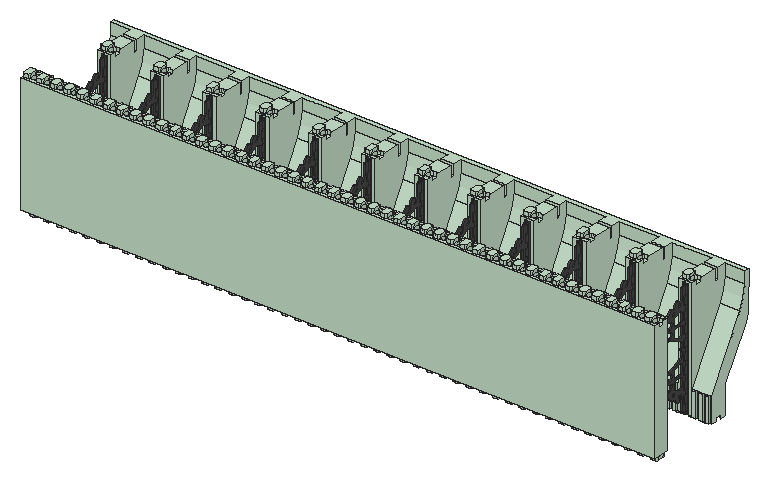
Revit family (continued)
Forms (mm)
  Extrusion 171, solid, material "NUDURA Expanded Polystyrene Foam Insulation"
    sketch origin (0, -0.033, 0) x (1, 0, 0) y (0, 1, 0)
      loop
        line (386.558, 76.2) -> (400.842, 76.2) -> (399.258, 82.55) -> (388.142, 82.55) -> (386.558, 76.2)
      loop
        line (361.158, 76.2) -> (375.442, 76.2) -> (373.858, 82.55) -> (362.742, 82.55) -> (361.158, 76.2)
      loop
        line (335.758, 76.2) -> (350.042, 76.2) -> (348.458, 82.55) -> (337.342, 82.55) -> (335.758, 76.2)
      loop
        line (259.558, 76.2) -> (273.842, 76.2) -> (272.258, 82.55) -> (261.142, 82.55) -> (259.558, 76.2)
      loop
        line (234.158, 76.2) -> (248.442, 76.2) -> (246.858, 82.55) -> (235.742, 82.55) -> (234.158, 76.2)
      loop
        line (208.758, 76.2) -> (223.042, 76.2) -> (221.458, 82.55) -> (210.342, 82.55) -> (208.758, 76.2)
      loop
        line (183.358, 76.2) -> (197.642, 76.2) -> (196.058, 82.55) -> (184.942, 82.55) -> (183.358, 76.2)
      loop
        line (157.958, 76.2) -> (172.242, 76.2) -> (170.658, 82.55) -> (159.542, 82.55) -> (157.958, 76.2)
      loop
        line (132.558, 76.2) -> (146.842, 76.2) -> (145.258, 82.55) -> (134.142, 82.55) -> (132.558, 76.2)
      loop
        line (56.358, 76.2) -> (70.642, 76.2) -> (69.058, 82.55) -> (57.942, 82.55) -> (56.358, 76.2)
      loop
        line (30.958, 76.2) -> (45.242, 76.2) -> (43.658, 82.55) -> (32.542, 82.55) -> (30.958, 76.2)
      loop
        line (5.558, 76.2) -> (19.842, 76.2) -> (18.258, 82.55) -> (7.142, 82.55) -> (5.558, 76.2)
    from 0 to 92.075
Cuts and joins
  Extrusion 2, Extrusion 3, Extrusion 4, Extrusion 5, Extrusion 6, Extrusion 7, Extrusion 8, Extrusion 9, Extrusion 10, Extrusion 11, Extrusion 12, Extrusion 13, Extrusion 14, Extrusion 15, Extrusion 16, Extrusion 17, Extrusion 18, Extrusion 19, Extrusion 20, Extrusion 21, Extrusion 22, Extrusion 23, Extrusion 24, Extrusion 25, Extrusion 26, Extrusion 27, Extrusion 28, Extrusion 29, Extrusion 30, Extrusion 31, Extrusion 32, Extrusion 33, Extrusion 34, Extrusion 35, Extrusion 36, Extrusion 37, Extrusion 38, Extrusion 39, Extrusion 40, Extrusion 41, Extrusion 42, Extrusion 43, Extrusion 44, Extrusion 45, Extrusion 46, Extrusion 47, Extrusion 48, Extrusion 49, Extrusion 62, Extrusion 63, Extrusion 64, Extrusion 65, Extrusion 66, Extrusion 67, Extrusion 68, Extrusion 69, Extrusion 70, Extrusion 71, Extrusion 72, Extrusion 73, Extrusion 74, Extrusion 75, Extrusion 76, Extrusion 77, Extrusion 78, Extrusion 79, Extrusion 80, Extrusion 81, Extrusion 82, Extrusion 83, Extrusion 84, Extrusion 85, Extrusion 86, Extrusion 87, Extrusion 88, Extrusion 89, Extrusion 90, Extrusion 91, Extrusion 92, Extrusion 93, Extrusion 94, Extrusion 95, Extrusion 96, Extrusion 97, Extrusion 98, Extrusion 99, Extrusion 100, Extrusion 101, Extrusion 102, Extrusion 103, Extrusion 104, Extrusion 105, Extrusion 106, Extrusion 107, Extrusion 108, Extrusion 109 cuts Extrusion 1
  Extrusion 50, Extrusion 110, Extrusion 111, Extrusion 112, Extrusion 113, Extrusion 114, Extrusion 115, Extrusion 116, Extrusion 117, Extrusion 118, Extrusion 119, Extrusion 120, Extrusion 121, Extrusion 122, Extrusion 123, Extrusion 124, Extrusion 125, Extrusion 126, Extrusion 127, Extrusion 128, Extrusion 129, Extrusion 130, Extrusion 131, Extrusion 132, Extrusion 133, Extrusion 134, Extrusion 135, Extrusion 136, Extrusion 137, Extrusion 138, Extrusion 139, Extrusion 140, Extrusion 141, Extrusion 142, Extrusion 143, Extrusion 144, Extrusion 145, Extrusion 146, Extrusion 147, Extrusion 148, Extrusion 149, Extrusion 150, Extrusion 151, Extrusion 152, Extrusion 153, Extrusion 154, Extrusion 155, Extrusion 156, Extrusion 157 cuts Extrusion 158
  Extrusion 61 cuts Extrusion 159
  Extrusion 60 cuts Extrusion 160
  Extrusion 59 cuts Extrusion 161
  Extrusion 58 cuts Extrusion 162
  Extrusion 57 cuts Extrusion 163
  Extrusion 56 cuts Extrusion 164
  Extrusion 55 cuts Extrusion 165
  Extrusion 54 cuts Extrusion 166
  Extrusion 53 cuts Extrusion 167
  Extrusion 52 cuts Extrusion 168
  Extrusion 51 cuts Extrusion 169
  Extrusion 50 cuts Extrusion 170
  joined: Extrusion 158, Extrusion 159, Extrusion 160, Extrusion 161, Extrusion 162, Extrusion 163, Extrusion 164, Extrusion 165, Extrusion 166, Extrusion 167, Extrusion 168, Extrusion 169, Extrusion 170, Extrusion 171
Lines and regions (mm)
  model lines
    curve 1: line (203.2, -193.708, 457.2) -> (203.2, -193.708, 0)
Dimensions and locks
  aligned and locked: level to plane 2
  aligned and locked: level to Extrusion 1
Nested families
  nested 1: "NUDURA Diamond Pattern" at (0, -50.833, 0), type "NUDURA Diamond Pattern"
  nested 2: "NUDURA Diamond Pattern" at (406.4, -50.833, 0), type "NUDURA Diamond Pattern"
  nested 3: "NUDURA Diamond Pattern" at (609.6, -50.833, 0), type "NUDURA Diamond Pattern"
  nested 4: "NUDURA Diamond Pattern" at (1016, -50.833, 0), type "NUDURA Diamond Pattern"
  nested 5: "NUDURA Diamond Pattern" at (1219.2, -50.833, 0), type "NUDURA Diamond Pattern"
  nested 6: "NUDURA Diamond Pattern" at (1625.6, -50.833, 0), type "NUDURA Diamond Pattern"
  nested 7: "NUDURA Diamond Pattern" at (1828.8, -50.833, 0), type "NUDURA Diamond Pattern"
  nested 8: "NUDURA Diamond Pattern" at (2235.2, -50.833, 0), type "NUDURA Diamond Pattern"
  nested 9: "Interlock Tooth" at (0, -50.833, 0), type "Interlock Tooth"
  nested 10: "Interlock Tooth" at (50.8, -50.833, 0), type "Interlock Tooth"
  nested 11: "Interlock Tooth" at (101.6, -50.833, 0), type "Interlock Tooth"
  nested 12: "Interlock Tooth" at (152.4, -50.833, 0), type "Interlock Tooth"
  nested 13: "Interlock Tooth" at (203.2, -50.833, 0), type "Interlock Tooth"
  nested 14: "Interlock Tooth" at (254, -50.833, 0), type "Interlock Tooth"
  nested 15: "Interlock Tooth" at (304.8, -50.833, 0), type "Interlock Tooth"
  nested 16: "Interlock Tooth" at (355.6, -50.833, 0), type "Interlock Tooth"
  nested 17: "Interlock Tooth" at (406.4, -50.833, 0), type "Interlock Tooth"
  nested 18: "Interlock Tooth" at (457.2, -50.833, 0), type "Interlock Tooth"
  nested 19: "Interlock Tooth" at (508, -50.833, 0), type "Interlock Tooth"
  nested 20: "Interlock Tooth" at (558.8, -50.833, 0), type "Interlock Tooth"
  nested 21: "Interlock Tooth" at (609.6, -50.833, 0), type "Interlock Tooth"
  nested 22: "Interlock Tooth" at (660.4, -50.833, 0), type "Interlock Tooth"
  nested 23: "Interlock Tooth" at (711.2, -50.833, 0), type "Interlock Tooth"
  nested 24: "Interlock Tooth" at (762, -50.833, 0), type "Interlock Tooth"
  nested 25: "Interlock Tooth" at (812.8, -50.833, 0), type "Interlock Tooth"
  nested 26: "Interlock Tooth" at (863.6, -50.833, 0), type "Interlock Tooth"
  nested 27: "Interlock Tooth" at (914.4, -50.833, 0), type "Interlock Tooth"
  nested 28: "Interlock Tooth" at (965.2, -50.833, 0), type "Interlock Tooth"
  nested 29: "Interlock Tooth" at (1016, -50.833, 0), type "Interlock Tooth"
  nested 30: "Interlock Tooth" at (1066.8, -50.833, 0), type "Interlock Tooth"
  nested 31: "Interlock Tooth" at (1117.6, -50.833, 0), type "Interlock Tooth"
  nested 32: "Interlock Tooth" at (1168.4, -50.833, 0), type "Interlock Tooth"
  nested 33: "Interlock Tooth" at (1219.2, -50.833, 0), type "Interlock Tooth"
  nested 34: "Interlock Tooth" at (1270, -50.833, 0), type "Interlock Tooth"
  nested 35: "Interlock Tooth" at (1320.8, -50.833, 0), type "Interlock Tooth"
  nested 36: "Interlock Tooth" at (1371.6, -50.833, 0), type "Interlock Tooth"
  nested 37: "Interlock Tooth" at (1422.4, -50.833, 0), type "Interlock Tooth"
  nested 38: "Interlock Tooth" at (1473.2, -50.833, 0), type "Interlock Tooth"
  nested 39: "Interlock Tooth" at (1524, -50.833, 0), type "Interlock Tooth"
  nested 40: "Interlock Tooth" at (1574.8, -50.833, 0), type "Interlock Tooth"
  nested 41: "Interlock Tooth" at (1625.6, -50.833, 0), type "Interlock Tooth"
  nested 42: "Interlock Tooth" at (1676.4, -50.833, 0), type "Interlock Tooth"
  nested 43: "Interlock Tooth" at (1727.2, -50.833, 0), type "Interlock Tooth"
  nested 44: "Interlock Tooth" at (1778, -50.833, 0), type "Interlock Tooth"
  nested 45: "Interlock Tooth" at (1828.8, -50.833, 0), type "Interlock Tooth"
  nested 46: "Interlock Tooth" at (1879.6, -50.833, 0), type "Interlock Tooth"
  nested 47: "Interlock Tooth" at (1930.4, -50.833, 0), type "Interlock Tooth"
  nested 48: "Interlock Tooth" at (1981.2, -50.833, 0), type "Interlock Tooth"
  nested 49: "Interlock Tooth" at (2032, -50.833, 0), type "Interlock Tooth"
  nested 50: "Interlock Tooth" at (2082.8, -50.833, 0), type "Interlock Tooth"
  nested 51: "Interlock Tooth" at (2133.6, -50.833, 0), type "Interlock Tooth"
  nested 52: "Interlock Tooth" at (2184.4, -50.833, 0), type "Interlock Tooth"
  nested 53: "Interlock Tooth" at (2235.2, -50.833, 0), type "Interlock Tooth"
  nested 54: "Interlock Tooth" at (2286, -50.833, 0), type "Interlock Tooth"
  nested 55: "Interlock Tooth" at (2336.8, -50.833, 0), type "Interlock Tooth"
  nested 56: "Interlock Tooth" at (2387.6, -50.833, 0), type "Interlock Tooth"
  nested 57: "Interlock Tooth" at (76.2, 225.392, 0), type "Interlock Tooth"
  nested 58: "Interlock Tooth" at (279.4, 225.392, 0), type "Interlock Tooth"
  nested 59: "Interlock Tooth" at (482.6, 225.392, 0), type "Interlock Tooth"
  nested 60: "Interlock Tooth" at (685.8, 225.392, 0), type "Interlock Tooth"
  nested 61: "Interlock Tooth" at (889, 225.392, 0), type "Interlock Tooth"
  nested 62: "Interlock Tooth" at (1092.2, 225.392, 0), type "Interlock Tooth"
  nested 63: "Interlock Tooth" at (1295.4, 225.392, 0), type "Interlock Tooth"
  nested 64: "Interlock Tooth" at (1498.6, 225.392, 0), type "Interlock Tooth"
  nested 65: "Interlock Tooth" at (1701.8, 225.392, 0), type "Interlock Tooth"
  nested 66: "Interlock Tooth" at (1905, 225.392, 0), type "Interlock Tooth"
  nested 67: "Interlock Tooth" at (2108.2, 225.392, 0), type "Interlock Tooth"
  nested 68: "Interlock Tooth" at (2311.4, 225.392, 0), type "Interlock Tooth"
  nested 69: "Interlock Tooth" at (25.4, -276.258, -469.9), type "Interlock Tooth"
  nested 70: "Interlock Tooth" at (76.2, -276.258, -469.9), type "Interlock Tooth"
  nested 71: "Interlock Tooth" at (127, -276.258, -469.9), type "Interlock Tooth"
  nested 72: "Interlock Tooth" at (177.8, -276.258, -469.9), type "Interlock Tooth"
  nested 73: "Interlock Tooth" at (228.6, -276.258, -469.9), type "Interlock Tooth"
  nested 74: "Interlock Tooth" at (279.4, -276.258, -469.9), type "Interlock Tooth"
  nested 75: "Interlock Tooth" at (330.2, -276.258, -469.9), type "Interlock Tooth"
  nested 76: "Interlock Tooth" at (381, -276.258, -469.9), type "Interlock Tooth"
  nested 77: "Interlock Tooth" at (431.8, -276.258, -469.9), type "Interlock Tooth"
  nested 78: "Interlock Tooth" at (482.6, -276.258, -469.9), type "Interlock Tooth"
  nested 79: "Interlock Tooth" at (533.4, -276.258, -469.9), type "Interlock Tooth"
  nested 80: "Interlock Tooth" at (584.2, -276.258, -469.9), type "Interlock Tooth"
  nested 81: "Interlock Tooth" at (635, -276.258, -469.9), type "Interlock Tooth"
  nested 82: "Interlock Tooth" at (685.8, -276.258, -469.9), type "Interlock Tooth"
  nested 83: "Interlock Tooth" at (736.6, -276.258, -469.9), type "Interlock Tooth"
  nested 84: "Interlock Tooth" at (787.4, -276.258, -469.9), type "Interlock Tooth"
  nested 85: "Interlock Tooth" at (838.2, -276.258, -469.9), type "Interlock Tooth"
  nested 86: "Interlock Tooth" at (889, -276.258, -469.9), type "Interlock Tooth"
  nested 87: "Interlock Tooth" at (939.8, -276.258, -469.9), type "Interlock Tooth"
  nested 88: "Interlock Tooth" at (990.6, -276.258, -469.9), type "Interlock Tooth"
  nested 89: "Interlock Tooth" at (1041.4, -276.258, -469.9), type "Interlock Tooth"
  nested 90: "Interlock Tooth" at (1092.2, -276.258, -469.9), type "Interlock Tooth"
  nested 91: "Interlock Tooth" at (1143, -276.258, -469.9), type "Interlock Tooth"
  nested 92: "Interlock Tooth" at (1193.8, -276.258, -469.9), type "Interlock Tooth"
  nested 93: "Interlock Tooth" at (1244.6, -276.258, -469.9), type "Interlock Tooth"
  nested 94: "Interlock Tooth" at (1295.4, -276.258, -469.9), type "Interlock Tooth"
  nested 95: "Interlock Tooth" at (1346.2, -276.258, -469.9), type "Interlock Tooth"
  nested 96: "Interlock Tooth" at (1397, -276.258, -469.9), type "Interlock Tooth"
  nested 97: "Interlock Tooth" at (1447.8, -276.258, -469.9), type "Interlock Tooth"
  nested 98: "Interlock Tooth" at (1498.6, -276.258, -469.9), type "Interlock Tooth"
  nested 99: "Interlock Tooth" at (1549.4, -276.258, -469.9), type "Interlock Tooth"
  nested 100: "Interlock Tooth" at (1600.2, -276.258, -469.9), type "Interlock Tooth"
  nested 101: "Interlock Tooth" at (1651, -276.258, -469.9), type "Interlock Tooth"
  nested 102: "Interlock Tooth" at (1701.8, -276.258, -469.9), type "Interlock Tooth"
  nested 103: "Interlock Tooth" at (1752.6, -276.258, -469.9), type "Interlock Tooth"
  nested 104: "Interlock Tooth" at (1803.4, -276.258, -469.9), type "Interlock Tooth"
  nested 105: "Interlock Tooth" at (1854.2, -276.258, -469.9), type "Interlock Tooth"
  nested 106: "Interlock Tooth" at (1905, -276.258, -469.9), type "Interlock Tooth"
  nested 107: "Interlock Tooth" at (1955.8, -276.258, -469.9), type "Interlock Tooth"
  nested 108: "Interlock Tooth" at (2006.6, -276.258, -469.9), type "Interlock Tooth"
  nested 109: "Interlock Tooth" at (2057.4, -276.258, -469.9), type "Interlock Tooth"
  nested 110: "Interlock Tooth" at (2108.2, -276.258, -469.9), type "Interlock Tooth"
  nested 111: "Interlock Tooth" at (2159, -276.258, -469.9), type "Interlock Tooth"
  nested 112: "Interlock Tooth" at (2209.8, -276.258, -469.9), type "Interlock Tooth"
  nested 113: "Interlock Tooth" at (2260.6, -276.258, -469.9), type "Interlock Tooth"
  nested 114: "Interlock Tooth" at (2311.4, -276.258, -469.9), type "Interlock Tooth"
  nested 115: "Interlock Tooth" at (2362.2, -276.258, -469.9), type "Interlock Tooth"
  nested 116: "Interlock Tooth" at (2413, -276.258, -469.9), type "Interlock Tooth"
  nested 117: "Interlock Tooth" at (0, -0.033, -469.9), type "Interlock Tooth"
  nested 118: "Interlock Tooth" at (50.8, -0.033, -469.9), type "Interlock Tooth"
  nested 119: "Interlock Tooth" at (101.6, -0.033, -469.9), type "Interlock Tooth"
  nested 120: "Interlock Tooth" at (152.4, -0.033, -469.9), type "Interlock Tooth"
  nested 121: "Interlock Tooth" at (203.2, -0.033, -469.9), type "Interlock Tooth"
  nested 122: "Interlock Tooth" at (254, -0.033, -469.9), type "Interlock Tooth"
  nested 123: "Interlock Tooth" at (304.8, -0.033, -469.9), type "Interlock Tooth"
  nested 124: "Interlock Tooth" at (355.6, -0.033, -469.9), type "Interlock Tooth"
  nested 125: "Interlock Tooth" at (406.4, -0.033, -469.9), type "Interlock Tooth"
  nested 126: "Interlock Tooth" at (457.2, -0.033, -469.9), type "Interlock Tooth"
  nested 127: "Interlock Tooth" at (508, -0.033, -469.9), type "Interlock Tooth"
  nested 128: "Interlock Tooth" at (558.8, -0.033, -469.9), type "Interlock Tooth"
  nested 129: "Interlock Tooth" at (609.6, -0.033, -469.9), type "Interlock Tooth"
  nested 130: "Interlock Tooth" at (660.4, -0.033, -469.9), type "Interlock Tooth"
  nested 131: "Interlock Tooth" at (711.2, -0.033, -469.9), type "Interlock Tooth"
  nested 132: "Interlock Tooth" at (762, -0.033, -469.9), type "Interlock Tooth"
  nested 133: "Interlock Tooth" at (812.8, -0.033, -469.9), type "Interlock Tooth"
  nested 134: "Interlock Tooth" at (863.6, -0.033, -469.9), type "Interlock Tooth"
  nested 135: "Interlock Tooth" at (914.4, -0.033, -469.9), type "Interlock Tooth"
  nested 136: "Interlock Tooth" at (965.2, -0.033, -469.9), type "Interlock Tooth"
  nested 137: "Interlock Tooth" at (1016, -0.033, -469.9), type "Interlock Tooth"
  nested 138: "Interlock Tooth" at (1066.8, -0.033, -469.9), type "Interlock Tooth"
  nested 139: "Interlock Tooth" at (1117.6, -0.033, -469.9), type "Interlock Tooth"
  nested 140: "Interlock Tooth" at (1168.4, -0.033, -469.9), type "Interlock Tooth"
  nested 141: "Interlock Tooth" at (1219.2, -0.033, -469.9), type "Interlock Tooth"
  nested 142: "Interlock Tooth" at (1270, -0.033, -469.9), type "Interlock Tooth"
  nested 143: "Interlock Tooth" at (1320.8, -0.033, -469.9), type "Interlock Tooth"
  nested 144: "Interlock Tooth" at (1371.6, -0.033, -469.9), type "Interlock Tooth"
  nested 145: "Interlock Tooth" at (1422.4, -0.033, -469.9), type "Interlock Tooth"
  nested 146: "Interlock Tooth" at (1473.2, -0.033, -469.9), type "Interlock Tooth"
  nested 147: "Interlock Tooth" at (1524, -0.033, -469.9), type "Interlock Tooth"
  nested 148: "Interlock Tooth" at (1574.8, -0.033, -469.9), type "Interlock Tooth"
  nested 149: "Interlock Tooth" at (1625.6, -0.033, -469.9), type "Interlock Tooth"
  nested 150: "Interlock Tooth" at (1676.4, -0.033, -469.9), type "Interlock Tooth"
  nested 151: "Interlock Tooth" at (1727.2, -0.033, -469.9), type "Interlock Tooth"
  nested 152: "Interlock Tooth" at (1778, -0.033, -469.9), type "Interlock Tooth"
  nested 153: "Interlock Tooth" at (1828.8, -0.033, -469.9), type "Interlock Tooth"
  nested 154: "Interlock Tooth" at (1879.6, -0.033, -469.9), type "Interlock Tooth"
  nested 155: "Interlock Tooth" at (1930.4, -0.033, -469.9), type "Interlock Tooth"
  nested 156: "Interlock Tooth" at (1981.2, -0.033, -469.9), type "Interlock Tooth"
  nested 157: "Interlock Tooth" at (2032, -0.033, -469.9), type "Interlock Tooth"
  nested 158: "Interlock Tooth" at (2082.8, -0.033, -469.9), type "Interlock Tooth"
  nested 159: "Interlock Tooth" at (2133.6, -0.033, -469.9), type "Interlock Tooth"
  nested 160: "Interlock Tooth" at (2184.4, -0.033, -469.9), type "Interlock Tooth"
  nested 161: "Interlock Tooth" at (2235.2, -0.033, -469.9), type "Interlock Tooth"
  nested 162: "Interlock Tooth" at (2286, -0.033, -469.9), type "Interlock Tooth"
  nested 163: "Interlock Tooth" at (2336.8, -0.033, -469.9), type "Interlock Tooth"
  nested 164: "Interlock Tooth" at (2387.6, -0.033, -469.9), type "Interlock Tooth"
  nested 165: "NUDURA Logo Diamond" at (0, -193.708, 0), type "NUDURA Logo Diamond"
  nested 166: "NUDURA Logo Diamond" at (609.6, -193.708, 0), type "NUDURA Logo Diamond"
  nested 167: "NUDURA Logo Diamond" at (1219.2, -193.708, 0), type "NUDURA Logo Diamond"
  nested 168: "NUDURA Logo Diamond" at (1828.8, -193.708, 0), type "NUDURA Logo Diamond"
  nested 169: "NUDURA Brick Ledge Diamond Pattern" at (2235.2, 285.717, 0), type "NUDURA Brick Ledge Diamond Pattern"
  nested 170: "NUDURA Brick Ledge Diamond Pattern" at (2032, 285.717, 0), type "NUDURA Brick Ledge Diamond Pattern"
  nested 171: "NUDURA Brick Ledge Diamond Pattern" at (1828.8, 285.717, 0), type "NUDURA Brick Ledge Diamond Pattern"
  nested 172: "NUDURA Brick Ledge Diamond Pattern" at (1625.6, 285.717, 0), type "NUDURA Brick Ledge Diamond Pattern"
  nested 173: "NUDURA Brick Ledge Diamond Pattern" at (1422.4, 285.717, 0), type "NUDURA Brick Ledge Diamond Pattern"
  nested 174: "NUDURA Brick Ledge Diamond Pattern" at (1219.2, 285.717, 0), type "NUDURA Brick Ledge Diamond Pattern"
  nested 175: "NUDURA Brick Ledge Diamond Pattern" at (1016, 285.717, 0), type "NUDURA Brick Ledge Diamond Pattern"
  nested 176: "NUDURA Brick Ledge Diamond Pattern" at (812.8, 285.717, 0), type "NUDURA Brick Ledge Diamond Pattern"
  nested 177: "NUDURA Brick Ledge Diamond Pattern" at (609.6, 285.717, 0), type "NUDURA Brick Ledge Diamond Pattern"
  nested 178: "NUDURA Brick Ledge Diamond Pattern" at (406.4, 285.717, 0), type "NUDURA Brick Ledge Diamond Pattern"
  nested 179: "NUDURA Brick Ledge Diamond Pattern" at (203.2, 285.717, 0), type "NUDURA Brick Ledge Diamond Pattern"
  nested 180: "NUDURA Brick Ledge Diamond Pattern" at (0, 285.717, 0), type "NUDURA Brick Ledge Diamond Pattern"
  nested 181: "8-inch Insert Web" at (101.6, -25.433, 0), type "8-inch Insert Web"
  nested 182: "8-inch Insert Web" at (304.8, -25.433, 0), type "8-inch Insert Web"
  nested 183: "8-inch Insert Web" at (508, -25.433, 0), type "8-inch Insert Web"
  nested 184: "8-inch Insert Web" at (711.2, -25.433, 0), type "8-inch Insert Web"
  nested 185: "8-inch Insert Web" at (914.4, -25.433, 0), type "8-inch Insert Web"
  nested 186: "8-inch Insert Web" at (1117.6, -25.433, 0), type "8-inch Insert Web"
  nested 187: "8-inch Insert Web" at (1320.8, -25.433, 0), type "8-inch Insert Web"
  nested 188: "8-inch Insert Web" at (1524, -25.433, 0), type "8-inch Insert Web"
  nested 189: "8-inch Insert Web" at (1727.2, -25.433, 0), type "8-inch Insert Web"
  nested 190: "8-inch Insert Web" at (1930.4, -25.433, 0), type "8-inch Insert Web"
  nested 191: "8-inch Insert Web" at (2133.6, -25.433, 0), type "8-inch Insert Web"
  nested 192: "8-inch Insert Web" at (2336.8, -25.433, 0), type "8-inch Insert Web"
Definition of nested family "Interlock Tooth"
  Reference planes
    plane 1 "Center (Front/Back)": y = 0
    plane 2: z = 0
    plane 3 "Center (Left/Right)": x = 0
    plane 4: z = 457.2
    plane 5: z = 469.9
    plane 6: z = -12.7
  Forms (mm)
    Extrusion 1, solid, material "NUDURA Expanded Polystyrene Foam Insulation"
      sketch origin (0, -225.425, 0) x (1, 0, 0) y (0, 1, 0)
        loop
          arc (0, 101.014) -> (1.215, 97.278) -> (4.396, 94.972) r 6.35
          arc (4.396, 94.972) -> (12.7, 93.663) -> (21.004, 94.972) r 26.988
          arc (21.004, 94.972) -> (24.185, 97.278) -> (25.4, 101.014) r 6.35
          line (25.4, 101.014) -> (25.4, 124.411)
          arc (25.4, 124.411) -> (24.185, 128.147) -> (21.004, 130.453) r 6.35
          arc (21.004, 130.453) -> (12.7, 131.763) -> (4.396, 130.453) r 26.987
          arc (4.396, 130.453) -> (1.215, 128.147) -> (0, 124.411) r 6.35
          line (0, 124.411) -> (0, 101.014)
      from 457.2 to 469.9
  Dimensions and locks
    locked: plane 4 to level at 457.2
    locked: plane 4 to plane 5 at 12.7
    locked: plane 6 to level at 12.7
Definition of nested family "8-inch Insert Web"
  Reference planes
    plane 1 "Center (Front/Back)": y = 0
    plane 2: z = 0
    plane 3 "Center (Left/Right)": x = 0
  Forms (mm)
    Extrusion 1, solid, material "High Density Polystyrene"
      sketch origin (0, 0, 0) x (0, 1, 0) y (0, 0, 1)
        loop
          line (107.95, 0) -> (107.95, 450.744)
          arc (107.95, 450.744) -> (107.217, 450.243) -> (106.934, 449.4) r 1.397
          line (106.934, 449.4) -> (106.934, 1.344)
          arc (106.934, 1.344) -> (107.217, 0.502) -> (107.95, 0) r 1.397
        loop
          arc (-107.95, 0) -> (-107.217, 0.502) -> (-106.934, 1.344) r 1.397
          line (-106.934, 1.344) -> (-106.934, 449.4)
          arc (-106.934, 449.4) -> (-107.217, 450.243) -> (-107.95, 450.744) r 1.397
          line (-107.95, 450.744) -> (-107.95, 0)
      from 9.227 to -9.227
    Extrusion 2, solid, material "High Density Polystyrene"
      sketch origin (0, 0, 0) x (0, 1, 0) y (0, 0, 1)
        loop
          arc (106.398, 442.16) -> (106.775, 442.021) -> (106.934, 441.652) r 0.508
          line (106.934, 441.652) -> (106.934, 447.972)
          arc (106.934, 447.972) -> (106.829, 447.585) -> (106.542, 447.306) r 0.762
          line (106.542, 447.306) -> (104.786, 446.33)
          arc (104.786, 446.33) -> (104.499, 446.05) -> (104.394, 445.664) r 0.762
          line (104.394, 445.664) -> (104.394, 442.585)
          arc (104.394, 442.585) -> (104.553, 442.216) -> (104.93, 442.078) r 0.508
          line (104.93, 442.078) -> (106.398, 442.16)
        loop
          line (-104.786, 446.33) -> (-106.542, 447.306)
          arc (-106.542, 447.306) -> (-106.829, 447.585) -> (-106.934, 447.972) r 0.762
          line (-106.934, 447.972) -> (-106.934, 441.652)
          arc (-106.934, 441.652) -> (-106.775, 442.021) -> (-106.398, 442.16) r 0.508
          line (-106.398, 442.16) -> (-104.93, 442.078)
          arc (-104.93, 442.078) -> (-104.553, 442.216) -> (-104.394, 442.585) r 0.508
          line (-104.394, 442.585) -> (-104.394, 445.664)
          arc (-104.394, 445.664) -> (-104.499, 446.05) -> (-104.786, 446.33) r 0.762
        loop
          line (106.398, 8.585) -> (104.93, 8.666)
          arc (104.93, 8.666) -> (104.553, 8.528) -> (104.394, 8.159) r 0.508
          line (104.394, 8.159) -> (104.394, 5.08)
          arc (104.394, 5.08) -> (104.499, 4.694) -> (104.786, 4.414) r 0.762
          line (104.786, 4.414) -> (106.542, 3.439)
          arc (106.542, 3.439) -> (106.829, 3.159) -> (106.934, 2.772) r 0.762
          line (106.934, 2.772) -> (106.934, 9.092)
          arc (106.934, 9.092) -> (106.775, 8.723) -> (106.398, 8.585) r 0.508
        loop
          arc (-104.786, 4.414) -> (-104.499, 4.694) -> (-104.394, 5.08) r 0.762
          line (-104.394, 5.08) -> (-104.394, 8.159)
          arc (-104.394, 8.159) -> (-104.553, 8.528) -> (-104.93, 8.666) r 0.508
          line (-104.93, 8.666) -> (-106.398, 8.585)
          arc (-106.398, 8.585) -> (-106.775, 8.723) -> (-106.934, 9.092) r 0.508
          line (-106.934, 9.092) -> (-106.934, 2.772)
          arc (-106.934, 2.772) -> (-106.829, 3.159) -> (-106.542, 3.439) r 0.762
          line (-106.542, 3.439) -> (-104.786, 4.414)
        loop
          line (101.6, 437.076) -> (99.695, 442.918)
          arc (99.695, 442.918) -> (98.425, 443.68) -> (97.155, 442.918) r 1.439
          line (97.155, 442.918) -> (95.913, 439.108) -> (92.683, 439.108)
          arc (92.683, 439.108) -> (91.804, 438.744) -> (91.44, 437.865) r 1.243
          line (91.44, 437.865) -> (91.44, 437.076) -> (88.9, 437.076) -> (88.9, 400.201)
          arc (88.9, 400.201) -> (87.144, 393.421) -> (82.318, 388.345) r 13.97
          arc (82.318, 388.345) -> (81.085, 386.915) -> (80.881, 385.039) r 3.175
          arc (80.881, 385.039) -> (69.576, 376.743) -> (70.402, 390.741) r 7.747
          arc (70.402, 390.741) -> (73.514, 398.005) -> (66.25, 401.117) r 5.588
          arc (66.25, 401.117) -> (57.259, 393.619) -> (54.399, 382.266) r 18.923
          arc (54.399, 382.266) -> (53.291, 371.727) -> (50.021, 361.646) r 50.8
          arc (50.021, 361.646) -> (37.344, 361.552) -> (41.55, 373.51) r 7.747
          arc (41.55, 373.51) -> (45.434, 381.929) -> (36.511, 384.447) r 6.096
          line (36.511, 384.447) -> (13.47, 361.407)
          arc (13.47, 361.407) -> (0, 355.827) -> (-13.47, 361.407) r 19.05
          line (-13.47, 361.407) -> (-36.511, 384.447)
          arc (-36.511, 384.447) -> (-45.434, 381.929) -> (-41.55, 373.51) r 6.096
          arc (-41.55, 373.51) -> (-37.344, 361.552) -> (-50.021, 361.646) r 7.747
          arc (-50.021, 361.646) -> (-53.291, 371.727) -> (-54.399, 382.266) r 50.8
          arc (-54.399, 382.266) -> (-57.259, 393.619) -> (-66.25, 401.117) r 18.923
          arc (-66.25, 401.117) -> (-73.514, 398.005) -> (-70.402, 390.741) r 5.588
          arc (-70.402, 390.741) -> (-69.576, 376.743) -> (-80.881, 385.039) r 7.747
          arc (-80.881, 385.039) -> (-81.085, 386.915) -> (-82.318, 388.345) r 3.175
          arc (-82.318, 388.345) -> (-87.144, 393.421) -> (-88.9, 400.201) r 13.97
          line (-88.9, 400.201) -> (-88.9, 437.076) -> (-91.44, 437.076) -> (-91.44, 437.865)
          arc (-91.44, 437.865) -> (-91.804, 438.744) -> (-92.683, 439.108) r 1.243
          line (-92.683, 439.108) -> (-95.913, 439.108) -> (-97.155, 442.918)
          arc (-97.155, 442.918) -> (-98.425, 443.68) -> (-99.695, 442.918) r 1.439
          line (-99.695, 442.918) -> (-101.6, 437.076) -> (-101.6, 16.896) -> (-99.695, 11.054)
          arc (-99.695, 11.054) -> (-98.425, 10.292) -> (-97.155, 11.054) r 1.439
          line (-97.155, 11.054) -> (-95.913, 14.864) -> (-92.683, 14.864)
          arc (-92.683, 14.864) -> (-91.804, 15.228) -> (-91.44, 16.107) r 1.243
          line (-91.44, 16.107) -> (-91.44, 16.896) -> (-88.9, 16.896) -> (-88.9, 56.999)
          arc (-88.9, 56.999) -> (-87.144, 63.779) -> (-82.318, 68.855) r 13.97
          arc (-82.318, 68.855) -> (-81.085, 70.285) -> (-80.881, 72.161) r 3.175
          arc (-80.881, 72.161) -> (-69.576, 80.457) -> (-70.402, 66.459) r 7.747
          arc (-70.402, 66.459) -> (-73.514, 59.195) -> (-66.25, 56.083) r 5.588
          arc (-66.25, 56.083) -> (-57.259, 63.581) -> (-54.399, 74.934) r 18.923
          arc (-54.399, 74.934) -> (-53.291, 85.473) -> (-50.021, 95.554) r 50.8
          arc (-50.021, 95.554) -> (-37.344, 95.648) -> (-41.55, 83.69) r 7.747
          arc (-41.55, 83.69) -> (-45.434, 75.271) -> (-36.511, 72.753) r 6.096
          line (-36.511, 72.753) -> (-13.47, 95.793)
          arc (-13.47, 95.793) -> (0, 101.373) -> (13.47, 95.793) r 19.05
          line (13.47, 95.793) -> (36.511, 72.753)
          arc (36.511, 72.753) -> (45.434, 75.271) -> (41.55, 83.69) r 6.096
          arc (41.55, 83.69) -> (37.344, 95.648) -> (50.021, 95.554) r 7.747
          arc (50.021, 95.554) -> (53.291, 85.473) -> (54.399, 74.934) r 50.8
          arc (54.399, 74.934) -> (57.259, 63.581) -> (66.25, 56.083) r 18.923
          arc (66.25, 56.083) -> (73.514, 59.195) -> (70.402, 66.459) r 5.588
          arc (70.402, 66.459) -> (69.576, 80.457) -> (80.881, 72.161) r 7.747
          arc (80.881, 72.161) -> (81.085, 70.285) -> (82.318, 68.855) r 3.175
          arc (82.318, 68.855) -> (87.144, 63.779) -> (88.9, 56.999) r 13.97
          line (88.9, 56.999) -> (88.9, 16.896) -> (91.44, 16.896) -> (91.44, 16.107)
          arc (91.44, 16.107) -> (91.804, 15.228) -> (92.683, 14.864) r 1.243
          line (92.683, 14.864) -> (95.913, 14.864) -> (97.155, 11.054)
          arc (97.155, 11.054) -> (98.425, 10.292) -> (99.695, 11.054) r 1.439
          line (99.695, 11.054) -> (101.6, 16.896) -> (101.6, 437.076)
        loop
          line (75.338, 365.319) -> (53.037, 354.882)
          arc (53.037, 354.882) -> (47.704, 350.196) -> (45.72, 343.38) r 12.7
          line (45.72, 343.38) -> (45.72, 332.943)
          arc (45.72, 332.943) -> (49.44, 323.962) -> (58.42, 320.243) r 12.7
          line (58.42, 320.243) -> (82.55, 320.243)
          arc (82.55, 320.243) -> (87.04, 322.103) -> (88.9, 326.593) r 6.35
          line (88.9, 326.593) -> (88.9, 356.692)
          arc (88.9, 356.692) -> (84.487, 364.729) -> (75.338, 365.319) r 9.525
        loop
          line (40.64, 329.768) -> (40.64, 340.162)
          arc (40.64, 340.162) -> (37.629, 345.093) -> (33.051, 348.618) r 15.855
          arc (33.051, 348.618) -> (29.537, 348.292) -> (26.01, 348.183) r 57.15
          line (26.01, 348.183) -> (0, 348.183) -> (-26.01, 348.183)
          arc (-26.01, 348.183) -> (-29.537, 348.292) -> (-33.051, 348.618) r 57.15
          arc (-33.051, 348.618) -> (-37.629, 345.093) -> (-40.64, 340.162) r 15.855
          line (-40.64, 340.162) -> (-40.64, 329.768)
          arc (-40.64, 329.768) -> (-36.952, 323.93) -> (-31.115, 320.243) r 15.684
          line (-31.115, 320.243) -> (0, 320.243) -> (31.115, 320.243)
          arc (31.115, 320.243) -> (36.952, 323.93) -> (40.64, 329.768) r 15.684
        loop
          line (-53.037, 354.882) -> (-75.338, 365.319)
          arc (-75.338, 365.319) -> (-84.487, 364.729) -> (-88.9, 356.692) r 9.525
          line (-88.9, 356.692) -> (-88.9, 326.593)
          arc (-88.9, 326.593) -> (-87.04, 322.103) -> (-82.55, 320.243) r 6.35
          line (-82.55, 320.243) -> (-58.42, 320.243)
          arc (-58.42, 320.243) -> (-49.44, 323.962) -> (-45.72, 332.943) r 12.7
          line (-45.72, 332.943) -> (-45.72, 340.735) -> (-45.72, 343.38)
          arc (-45.72, 343.38) -> (-47.704, 350.196) -> (-53.037, 354.882) r 12.7
        loop
          arc (75.338, 270.594) -> (84.487, 271.184) -> (88.9, 279.221) r 9.525
          line (88.9, 279.221) -> (88.9, 309.321)
          arc (88.9, 309.321) -> (87.04, 313.811) -> (82.55, 315.671) r 6.35
          line (82.55, 315.671) -> (58.42, 315.671)
          arc (58.42, 315.671) -> (49.44, 311.951) -> (45.72, 302.971) r 12.7
          line (45.72, 302.971) -> (45.72, 292.534)
          arc (45.72, 292.534) -> (47.704, 285.717) -> (53.037, 281.031) r 12.7
          line (53.037, 281.031) -> (75.338, 270.594)
        loop
          arc (40.64, 306.146) -> (36.952, 311.983) -> (31.115, 315.671) r 15.684
          line (31.115, 315.671) -> (0, 315.671) -> (-31.115, 315.671)
          arc (-31.115, 315.671) -> (-36.952, 311.983) -> (-40.64, 306.146) r 15.684
          line (-40.64, 306.146) -> (-40.64, 295.751)
          arc (-40.64, 295.751) -> (-37.629, 290.82) -> (-33.051, 287.295) r 15.855
          arc (-33.051, 287.295) -> (-29.537, 287.622) -> (-26.01, 287.731) r 57.15
          line (-26.01, 287.731) -> (0, 287.731) -> (26.01, 287.731)
          arc (26.01, 287.731) -> (29.537, 287.622) -> (33.051, 287.295) r 57.15
          arc (33.051, 287.295) -> (37.629, 290.82) -> (40.64, 295.751) r 15.855
          line (40.64, 295.751) -> (40.64, 306.146)
        loop
          arc (-53.037, 281.031) -> (-47.704, 285.717) -> (-45.72, 292.534) r 12.7
          line (-45.72, 292.534) -> (-45.72, 295.178) -> (-45.72, 302.971)
          arc (-45.72, 302.971) -> (-49.44, 311.951) -> (-58.42, 315.671) r 12.7
          line (-58.42, 315.671) -> (-82.55, 315.671)
          arc (-82.55, 315.671) -> (-87.04, 313.811) -> (-88.9, 309.321) r 6.35
          line (-88.9, 309.321) -> (-88.9, 279.221)
          arc (-88.9, 279.221) -> (-84.487, 271.184) -> (-75.338, 270.594) r 9.525
          line (-75.338, 270.594) -> (-53.037, 281.031)
        loop
          line (81.583, 262.614) -> (49.625, 277.57)
          arc (49.625, 277.57) -> (37.808, 281.595) -> (25.4, 282.958) r 57.15
          line (25.4, 282.958) -> (0, 282.958) -> (-25.4, 282.958)
          arc (-25.4, 282.958) -> (-37.808, 281.595) -> (-49.625, 277.57) r 57.15
          line (-49.625, 277.57) -> (-81.583, 262.614)
          arc (-81.583, 262.614) -> (-86.916, 257.927) -> (-88.9, 251.111) r 12.7
          line (-88.9, 251.111) -> (-88.9, 236.534) -> (-85.852, 231.454) -> (-85.852, 228.6) -> (-85.852, 225.746) -> (-88.9, 220.666) -> (-88.9, 206.089)
          arc (-88.9, 206.089) -> (-86.916, 199.273) -> (-81.583, 194.586) r 12.7
          line (-81.583, 194.586) -> (-49.625, 179.63)
          arc (-49.625, 179.63) -> (-37.808, 175.605) -> (-25.4, 174.242) r 57.15
          line (-25.4, 174.242) -> (0, 174.242) -> (25.4, 174.242)
          arc (25.4, 174.242) -> (37.808, 175.605) -> (49.625, 179.63) r 57.15
          line (49.625, 179.63) -> (81.583, 194.586)
          arc (81.583, 194.586) -> (86.916, 199.273) -> (88.9, 206.089) r 12.7
          line (88.9, 206.089) -> (88.9, 220.666) -> (85.852, 225.746) -> (85.852, 228.6) -> (85.852, 231.454) -> (88.9, 236.534) -> (88.9, 251.111)
          arc (88.9, 251.111) -> (86.916, 257.927) -> (81.583, 262.614) r 12.7
        loop
          arc (75.338, 91.881) -> (84.487, 92.471) -> (88.9, 100.508) r 9.525
          line (88.9, 100.508) -> (88.9, 130.607)
          arc (88.9, 130.607) -> (87.04, 135.097) -> (82.55, 136.957) r 6.35
          line (82.55, 136.957) -> (58.42, 136.957)
          arc (58.42, 136.957) -> (49.44, 133.238) -> (45.72, 124.257) r 12.7
          line (45.72, 124.257) -> (45.72, 113.82)
          arc (45.72, 113.82) -> (47.704, 107.004) -> (53.037, 102.318) r 12.7
          line (53.037, 102.318) -> (75.338, 91.881)
        loop
          arc (40.64, 127.432) -> (36.952, 133.27) -> (31.115, 136.957) r 15.684
          line (31.115, 136.957) -> (0, 136.957) -> (-31.115, 136.957)
          arc (-31.115, 136.957) -> (-36.952, 133.27) -> (-40.64, 127.432) r 15.684
          line (-40.64, 127.432) -> (-40.64, 117.038)
          arc (-40.64, 117.038) -> (-37.629, 112.107) -> (-33.051, 108.582) r 15.855
          arc (-33.051, 108.582) -> (-29.537, 108.908) -> (-26.01, 109.017) r 57.15
          line (-26.01, 109.017) -> (0, 109.017) -> (26.01, 109.017)
          arc (26.01, 109.017) -> (29.537, 108.908) -> (33.051, 108.582) r 57.15
          arc (33.051, 108.582) -> (37.629, 112.107) -> (40.64, 117.038) r 15.855
          line (40.64, 117.038) -> (40.64, 127.432)
        loop
          arc (-53.037, 102.318) -> (-47.704, 107.004) -> (-45.72, 113.82) r 12.7
          line (-45.72, 113.82) -> (-45.72, 116.465) -> (-45.72, 124.257)
          arc (-45.72, 124.257) -> (-49.44, 133.238) -> (-58.42, 136.957) r 12.7
          line (-58.42, 136.957) -> (-82.55, 136.957)
          arc (-82.55, 136.957) -> (-87.04, 135.097) -> (-88.9, 130.607) r 6.35
          line (-88.9, 130.607) -> (-88.9, 100.508)
          arc (-88.9, 100.508) -> (-84.487, 92.471) -> (-75.338, 91.881) r 9.525
          line (-75.338, 91.881) -> (-53.037, 102.318)
        loop
          line (75.338, 186.606) -> (53.037, 176.169)
          arc (53.037, 176.169) -> (47.704, 171.483) -> (45.72, 164.666) r 12.7
          line (45.72, 164.666) -> (45.72, 154.229)
          arc (45.72, 154.229) -> (49.44, 145.249) -> (58.42, 141.529) r 12.7
          line (58.42, 141.529) -> (82.55, 141.529)
          arc (82.55, 141.529) -> (87.04, 143.389) -> (88.9, 147.879) r 6.35
          line (88.9, 147.879) -> (88.9, 177.979)
          arc (88.9, 177.979) -> (84.487, 186.016) -> (75.338, 186.606) r 9.525
        loop
          line (40.64, 151.054) -> (40.64, 161.449)
          arc (40.64, 161.449) -> (37.629, 166.38) -> (33.051, 169.905) r 15.855
          arc (33.051, 169.905) -> (29.537, 169.578) -> (26.01, 169.469) r 57.15
          line (26.01, 169.469) -> (0, 169.469) -> (-26.01, 169.469)
          arc (-26.01, 169.469) -> (-29.537, 169.578) -> (-33.051, 169.905) r 57.15
          arc (-33.051, 169.905) -> (-37.629, 166.38) -> (-40.64, 161.449) r 15.855
          line (-40.64, 161.449) -> (-40.64, 151.054)
          arc (-40.64, 151.054) -> (-36.952, 145.217) -> (-31.115, 141.529) r 15.684
          line (-31.115, 141.529) -> (0, 141.529) -> (31.115, 141.529)
          arc (31.115, 141.529) -> (36.952, 145.217) -> (40.64, 151.054) r 15.684
        loop
          line (-53.037, 176.169) -> (-75.338, 186.606)
          arc (-75.338, 186.606) -> (-84.487, 186.016) -> (-88.9, 177.979) r 9.525
          line (-88.9, 177.979) -> (-88.9, 147.879)
          arc (-88.9, 147.879) -> (-87.04, 143.389) -> (-82.55, 141.529) r 6.35
          line (-82.55, 141.529) -> (-58.42, 141.529)
          arc (-58.42, 141.529) -> (-49.44, 145.249) -> (-45.72, 154.229) r 12.7
          line (-45.72, 154.229) -> (-45.72, 162.022) -> (-45.72, 164.666)
          arc (-45.72, 164.666) -> (-47.704, 171.483) -> (-53.037, 176.169) r 12.7
      from 3.175 to -3.175
    Extrusion 3, solid, material "High Density Polystyrene"
      sketch origin (0, 0, 0) x (0, 1, 0) y (0, 0, 1)
        loop
          line (106.934, 410.919) -> (94.234, 410.919) -> (94.234, 380.439) -> (106.934, 380.439) -> (106.934, 410.919)
        loop
          line (106.934, 361.389) -> (94.234, 361.389) -> (94.234, 330.909) -> (106.934, 330.909) -> (106.934, 361.389)
        loop
          line (106.934, 311.859) -> (94.234, 311.859) -> (94.234, 281.379) -> (106.934, 281.379) -> (106.934, 311.859)
        loop
          line (106.934, 262.329) -> (94.234, 262.329) -> (94.234, 234.897) -> (106.934, 234.897) -> (106.934, 262.329)
        loop
          line (106.934, 215.847) -> (94.234, 215.847) -> (94.234, 188.415) -> (106.934, 188.415) -> (106.934, 215.847)
        loop
          line (106.934, 169.365) -> (94.234, 169.365) -> (94.234, 138.885) -> (106.934, 138.885) -> (106.934, 169.365)
        loop
          line (106.934, 119.835) -> (94.234, 119.835) -> (94.234, 89.355) -> (106.934, 89.355) -> (106.934, 119.835)
        loop
          line (106.934, 70.305) -> (94.234, 70.305) -> (94.234, 39.825) -> (106.934, 39.825) -> (106.934, 70.305)
        loop
          line (-106.934, 410.919) -> (-106.934, 380.439) -> (-94.234, 380.439) -> (-94.234, 410.919) -> (-106.934, 410.919)
        loop
          line (-106.934, 361.389) -> (-106.934, 330.909) -> (-94.234, 330.909) -> (-94.234, 361.389) -> (-106.934, 361.389)
        loop
          line (-106.934, 311.859) -> (-106.934, 281.379) -> (-94.234, 281.379) -> (-94.234, 311.859) -> (-106.934, 311.859)
        loop
          line (-106.934, 262.329) -> (-106.934, 234.897) -> (-94.234, 234.897) -> (-94.234, 262.329) -> (-106.934, 262.329)
        loop
          line (-106.934, 215.847) -> (-106.934, 188.415) -> (-94.234, 188.415) -> (-94.234, 215.847) -> (-106.934, 215.847)
        loop
          line (-106.934, 169.365) -> (-106.934, 138.885) -> (-94.234, 138.885) -> (-94.234, 169.365) -> (-106.934, 169.365)
        loop
          line (-106.934, 119.835) -> (-106.934, 89.355) -> (-94.234, 89.355) -> (-94.234, 119.835) -> (-106.934, 119.835)
        loop
          line (-106.934, 70.305) -> (-106.934, 39.825) -> (-94.234, 39.825) -> (-94.234, 70.305) -> (-106.934, 70.305)
      from 6.35 to -6.35
    Extrusion 4, void
      sketch origin (0, 25.4, 0) x (1, 0, 0) y (0, 1, 0)
        loop
          line (-6.35, 70.929) -> (-6.35, 68.834) -> (-4.255, 68.834)
          arc (-4.255, 68.834) -> (-5.736, 69.448) -> (-6.35, 70.929) r 2.095
      from 0 to 457.2
    Extrusion 5, void
      sketch origin (0, 25.4, 0) x (-1, 0, 0) y (0, -1, 0)
        loop
          arc (-6.35, -70.929) -> (-5.736, -69.448) -> (-4.255, -68.834) r 2.095
          line (-4.255, -68.834) -> (-6.35, -68.834) -> (-6.35, -70.929)
      from 0 to 457.2
    Extrusion 6, void
      sketch origin (0, -25.4, 0) x (1, 0, 0) y (0, 1, 0)
        loop
          arc (-6.35, -70.929) -> (-5.736, -69.448) -> (-4.255, -68.834) r 2.095
          line (-4.255, -68.834) -> (-6.35, -68.834) -> (-6.35, -70.929)
      from 0 to 457.2
    Extrusion 7, void
      sketch origin (0, -25.4, 0) x (-1, 0, 0) y (0, -1, 0)
        loop
          line (-6.35, 70.929) -> (-6.35, 68.834) -> (-4.255, 68.834)
          arc (-4.255, 68.834) -> (-5.736, 69.448) -> (-6.35, 70.929) r 2.095
      from 0 to 457.2
  Cuts and joins
    Extrusion 4, Extrusion 5, Extrusion 6, Extrusion 7 cuts Extrusion 1
    Extrusion 4, Extrusion 5, Extrusion 6, Extrusion 7 cuts Extrusion 3
Definition of nested family "NUDURA Diamond Pattern"
  Reference planes
    plane 1 "Center (Front/Back)": y = 0
    plane 2: z = 0
    plane 3 "Center (Left/Right)": x = 0
    plane 4: z = 457.2
  Lines and regions (mm)
    model lines
      curve 1: line (203.2, -142.875, 457.2) -> (203.2, -142.875, 0)
      curve 2: line (152.4, -142.875, 457.2) -> (152.4, -142.875, 0)
      curve 3: line (50.8, -142.875, 457.2) -> (50.8, -142.875, 0)
      curve 4: line (85.183, -142.875, 431.415) -> (93.906, -142.875, 422.692)
      curve 5: arc (85.183, -142.875, 444.885) -> (82.394, -142.875, 438.15) -> (85.183, -142.875, 431.415) r 9.525
      curve 6: line (94.708, -142.875, 454.41) -> (85.183, -142.875, 444.885)
      curve 7: arc (108.179, -142.875, 454.41) -> (101.444, -142.875, 457.2) -> (94.708, -142.875, 454.41) r 9.525
      curve 8: line (117.704, -142.875, 444.885) -> (108.179, -142.875, 454.41)
      curve 9: arc (117.704, -142.875, 431.415) -> (120.494, -142.875, 438.15) -> (117.704, -142.875, 444.885) r 9.525
      curve 10: line (108.981, -142.875, 422.692) -> (117.704, -142.875, 431.415)
      curve 11: arc (105.934, -142.875, 452.165) -> (101.444, -142.875, 454.025) -> (96.953, -142.875, 452.165) r 6.35
      curve 12: line (115.459, -142.875, 442.64) -> (105.934, -142.875, 452.165)
      curve 13: arc (115.459, -142.875, 433.66) -> (117.319, -142.875, 438.15) -> (115.459, -142.875, 442.64) r 6.35
      curve 14: line (105.934, -142.875, 424.135) -> (115.459, -142.875, 433.66)
      curve 15: arc (96.953, -142.875, 424.135) -> (101.444, -142.875, 422.275) -> (105.934, -142.875, 424.135) r 6.35
      curve 16: line (87.428, -142.875, 433.66) -> (96.953, -142.875, 424.135)
      curve 17: arc (87.428, -142.875, 442.64) -> (85.569, -142.875, 438.15) -> (87.428, -142.875, 433.66) r 6.35
      curve 18: line (96.953, -142.875, 452.165) -> (87.428, -142.875, 442.64)
      curve 19: arc (93.906, -142.875, 415.508) -> (95.394, -142.875, 419.1) -> (93.906, -142.875, 422.692) r 5.08
      curve 20: line (117.704, -142.875, 406.785) -> (108.981, -142.875, 415.508)
      curve 21: arc (117.704, -142.875, 393.315) -> (120.494, -142.875, 400.05) -> (117.704, -142.875, 406.785) r 9.525
      curve 22: line (108.981, -142.875, 384.592) -> (117.704, -142.875, 393.315)
      curve 23: line (85.183, -142.875, 393.315) -> (93.906, -142.875, 384.592)
      curve 24: arc (85.183, -142.875, 406.785) -> (82.394, -142.875, 400.05) -> (85.183, -142.875, 393.315) r 9.525
      curve 25: line (93.906, -142.875, 415.508) -> (85.183, -142.875, 406.785)
      curve 26: arc (105.934, -142.875, 414.065) -> (101.444, -142.875, 415.925) -> (96.953, -142.875, 414.065) r 6.35
      curve 27: line (96.953, -142.875, 414.065) -> (87.428, -142.875, 404.54)
      curve 28: arc (87.428, -142.875, 404.54) -> (85.569, -142.875, 400.05) -> (87.428, -142.875, 395.56) r 6.35
      curve 29: line (87.428, -142.875, 395.56) -> (96.953, -142.875, 386.035)
      curve 30: arc (96.953, -142.875, 386.035) -> (101.444, -142.875, 384.175) -> (105.934, -142.875, 386.035) r 6.35
      curve 31: line (105.934, -142.875, 386.035) -> (115.459, -142.875, 395.56)
      curve 32: arc (115.459, -142.875, 395.56) -> (117.319, -142.875, 400.05) -> (115.459, -142.875, 404.54) r 6.35
      curve 33: line (115.459, -142.875, 404.54) -> (105.934, -142.875, 414.065)
      curve 34: arc (93.906, -142.875, 377.408) -> (95.394, -142.875, 381) -> (93.906, -142.875, 384.592) r 5.08
      curve 35: line (117.704, -142.875, 368.685) -> (108.981, -142.875, 377.408)
      curve 36: arc (117.704, -142.875, 355.215) -> (120.494, -142.875, 361.95) -> (117.704, -142.875, 368.685) r 9.525
      curve 37: line (108.981, -142.875, 346.492) -> (117.704, -142.875, 355.215)
      curve 38: line (85.183, -142.875, 355.215) -> (93.906, -142.875, 346.492)
      curve 39: arc (85.183, -142.875, 368.685) -> (82.394, -142.875, 361.95) -> (85.183, -142.875, 355.215) r 9.525
      curve 40: line (93.906, -142.875, 377.408) -> (85.183, -142.875, 368.685)
      curve 41: arc (105.934, -142.875, 375.965) -> (101.444, -142.875, 377.825) -> (96.953, -142.875, 375.965) r 6.35
      curve 42: line (96.953, -142.875, 375.965) -> (87.428, -142.875, 366.44)
      curve 43: arc (87.428, -142.875, 366.44) -> (85.569, -142.875, 361.95) -> (87.428, -142.875, 357.46) r 6.35
      curve 44: line (87.428, -142.875, 357.46) -> (96.953, -142.875, 347.935)
      curve 45: arc (96.953, -142.875, 347.935) -> (101.444, -142.875, 346.075) -> (105.934, -142.875, 347.935) r 6.35
      curve 46: line (105.934, -142.875, 347.935) -> (115.459, -142.875, 357.46)
      curve 47: arc (115.459, -142.875, 357.46) -> (117.319, -142.875, 361.95) -> (115.459, -142.875, 366.44) r 6.35
      curve 48: line (115.459, -142.875, 366.44) -> (105.934, -142.875, 375.965)
      curve 49: arc (93.906, -142.875, 339.308) -> (95.394, -142.875, 342.9) -> (93.906, -142.875, 346.492) r 5.08
      curve 50: line (117.704, -142.875, 330.585) -> (108.981, -142.875, 339.308)
      curve 51: arc (117.704, -142.875, 317.115) -> (120.494, -142.875, 323.85) -> (117.704, -142.875, 330.585) r 9.525
      curve 52: line (108.981, -142.875, 308.392) -> (117.704, -142.875, 317.115)
      curve 53: line (85.183, -142.875, 317.115) -> (93.906, -142.875, 308.392)
      curve 54: arc (85.183, -142.875, 330.585) -> (82.394, -142.875, 323.85) -> (85.183, -142.875, 317.115) r 9.525
      curve 55: line (93.906, -142.875, 339.308) -> (85.183, -142.875, 330.585)
      curve 56: arc (105.934, -142.875, 337.865) -> (101.444, -142.875, 339.725) -> (96.953, -142.875, 337.865) r 6.35
      curve 57: line (96.953, -142.875, 337.865) -> (87.428, -142.875, 328.34)
      curve 58: arc (87.428, -142.875, 328.34) -> (85.569, -142.875, 323.85) -> (87.428, -142.875, 319.36) r 6.35
      curve 59: line (87.428, -142.875, 319.36) -> (96.953, -142.875, 309.835)
      curve 60: arc (96.953, -142.875, 309.835) -> (101.444, -142.875, 307.975) -> (105.934, -142.875, 309.835) r 6.35
      curve 61: line (105.934, -142.875, 309.835) -> (115.459, -142.875, 319.36)
      curve 62: arc (115.459, -142.875, 319.36) -> (117.319, -142.875, 323.85) -> (115.459, -142.875, 328.34) r 6.35
      curve 63: line (115.459, -142.875, 328.34) -> (105.934, -142.875, 337.865)
      curve 64: arc (93.906, -142.875, 301.208) -> (95.394, -142.875, 304.8) -> (93.906, -142.875, 308.392) r 5.08
      curve 65: line (117.704, -142.875, 292.485) -> (108.981, -142.875, 301.208)
      curve 66: arc (117.704, -142.875, 279.015) -> (120.494, -142.875, 285.75) -> (117.704, -142.875, 292.485) r 9.525
      curve 67: line (108.981, -142.875, 270.292) -> (117.704, -142.875, 279.015)
      curve 68: line (85.183, -142.875, 279.015) -> (93.906, -142.875, 270.292)
      curve 69: arc (85.183, -142.875, 292.485) -> (82.394, -142.875, 285.75) -> (85.183, -142.875, 279.015) r 9.525
      curve 70: line (93.906, -142.875, 301.208) -> (85.183, -142.875, 292.485)
      curve 71: arc (105.934, -142.875, 299.765) -> (101.444, -142.875, 301.625) -> (96.953, -142.875, 299.765) r 6.35
      curve 72: line (96.953, -142.875, 299.765) -> (87.428, -142.875, 290.24)
      curve 73: arc (87.428, -142.875, 290.24) -> (85.569, -142.875, 285.75) -> (87.428, -142.875, 281.26) r 6.35
      curve 74: line (87.428, -142.875, 281.26) -> (96.953, -142.875, 271.735)
      curve 75: arc (96.953, -142.875, 271.735) -> (101.444, -142.875, 269.875) -> (105.934, -142.875, 271.735) r 6.35
      curve 76: line (105.934, -142.875, 271.735) -> (115.459, -142.875, 281.26)
      curve 77: arc (115.459, -142.875, 281.26) -> (117.319, -142.875, 285.75) -> (115.459, -142.875, 290.24) r 6.35
      curve 78: line (115.459, -142.875, 290.24) -> (105.934, -142.875, 299.765)
      curve 79: arc (93.906, -142.875, 263.108) -> (95.394, -142.875, 266.7) -> (93.906, -142.875, 270.292) r 5.08
      curve 80: line (117.704, -142.875, 254.385) -> (108.981, -142.875, 263.108)
      curve 81: arc (117.704, -142.875, 240.915) -> (120.494, -142.875, 247.65) -> (117.704, -142.875, 254.385) r 9.525
      curve 82: line (108.981, -142.875, 232.192) -> (117.704, -142.875, 240.915)
      curve 83: line (85.183, -142.875, 240.915) -> (93.906, -142.875, 232.192)
      curve 84: arc (85.183, -142.875, 254.385) -> (82.394, -142.875, 247.65) -> (85.183, -142.875, 240.915) r 9.525
      curve 85: line (93.906, -142.875, 263.108) -> (85.183, -142.875, 254.385)
      curve 86: arc (105.934, -142.875, 261.665) -> (101.444, -142.875, 263.525) -> (96.953, -142.875, 261.665) r 6.35
      curve 87: line (96.953, -142.875, 261.665) -> (87.428, -142.875, 252.14)
      curve 88: arc (87.428, -142.875, 252.14) -> (85.569, -142.875, 247.65) -> (87.428, -142.875, 243.16) r 6.35
      curve 89: line (87.428, -142.875, 243.16) -> (96.953, -142.875, 233.635)
      curve 90: arc (96.953, -142.875, 233.635) -> (101.444, -142.875, 231.775) -> (105.934, -142.875, 233.635) r 6.35
      curve 91: line (105.934, -142.875, 233.635) -> (115.459, -142.875, 243.16)
      curve 92: arc (115.459, -142.875, 243.16) -> (117.319, -142.875, 247.65) -> (115.459, -142.875, 252.14) r 6.35
      curve 93: line (115.459, -142.875, 252.14) -> (105.934, -142.875, 261.665)
      curve 94: arc (93.906, -142.875, 225.008) -> (95.394, -142.875, 228.6) -> (93.906, -142.875, 232.192) r 5.08
      curve 95: line (117.704, -142.875, 216.285) -> (108.981, -142.875, 225.008)
      curve 96: arc (117.704, -142.875, 202.815) -> (120.494, -142.875, 209.55) -> (117.704, -142.875, 216.285) r 9.525
      curve 97: line (108.981, -142.875, 194.092) -> (117.704, -142.875, 202.815)
      curve 98: line (85.183, -142.875, 202.815) -> (93.906, -142.875, 194.092)
      curve 99: arc (85.183, -142.875, 216.285) -> (82.394, -142.875, 209.55) -> (85.183, -142.875, 202.815) r 9.525
      curve 100: line (93.906, -142.875, 225.008) -> (85.183, -142.875, 216.285)
      curve 101: arc (105.934, -142.875, 223.565) -> (101.444, -142.875, 225.425) -> (96.953, -142.875, 223.565) r 6.35
      curve 102: line (96.953, -142.875, 223.565) -> (87.428, -142.875, 214.04)
      curve 103: arc (87.428, -142.875, 214.04) -> (85.569, -142.875, 209.55) -> (87.428, -142.875, 205.06) r 6.35
      curve 104: line (87.428, -142.875, 205.06) -> (96.953, -142.875, 195.535)
      curve 105: arc (96.953, -142.875, 195.535) -> (101.444, -142.875, 193.675) -> (105.934, -142.875, 195.535) r 6.35
      curve 106: line (105.934, -142.875, 195.535) -> (115.459, -142.875, 205.06)
      curve 107: arc (115.459, -142.875, 205.06) -> (117.319, -142.875, 209.55) -> (115.459, -142.875, 214.04) r 6.35
      curve 108: line (115.459, -142.875, 214.04) -> (105.934, -142.875, 223.565)
      curve 109: arc (93.906, -142.875, 186.908) -> (95.394, -142.875, 190.5) -> (93.906, -142.875, 194.092) r 5.08
      curve 110: line (117.704, -142.875, 178.185) -> (108.981, -142.875, 186.908)
      curve 111: arc (117.704, -142.875, 164.715) -> (120.494, -142.875, 171.45) -> (117.704, -142.875, 178.185) r 9.525
      curve 112: line (108.981, -142.875, 155.992) -> (117.704, -142.875, 164.715)
      curve 113: line (85.183, -142.875, 164.715) -> (93.906, -142.875, 155.992)
      curve 114: arc (85.183, -142.875, 178.185) -> (82.394, -142.875, 171.45) -> (85.183, -142.875, 164.715) r 9.525
      curve 115: line (93.906, -142.875, 186.908) -> (85.183, -142.875, 178.185)
      curve 116: arc (105.934, -142.875, 185.465) -> (101.444, -142.875, 187.325) -> (96.953, -142.875, 185.465) r 6.35
      curve 117: line (96.953, -142.875, 185.465) -> (87.428, -142.875, 175.94)
      curve 118: arc (87.428, -142.875, 175.94) -> (85.569, -142.875, 171.45) -> (87.428, -142.875, 166.96) r 6.35
      curve 119: line (87.428, -142.875, 166.96) -> (96.953, -142.875, 157.435)
      curve 120: arc (96.953, -142.875, 157.435) -> (101.444, -142.875, 155.575) -> (105.934, -142.875, 157.435) r 6.35
      curve 121: line (105.934, -142.875, 157.435) -> (115.459, -142.875, 166.96)
      curve 122: arc (115.459, -142.875, 166.96) -> (117.319, -142.875, 171.45) -> (115.459, -142.875, 175.94) r 6.35
      curve 123: line (115.459, -142.875, 175.94) -> (105.934, -142.875, 185.465)
      curve 124: arc (93.906, -142.875, 148.808) -> (95.394, -142.875, 152.4) -> (93.906, -142.875, 155.992) r 5.08
      curve 125: line (117.704, -142.875, 140.085) -> (108.981, -142.875, 148.808)
      curve 126: arc (117.704, -142.875, 126.615) -> (120.494, -142.875, 133.35) -> (117.704, -142.875, 140.085) r 9.525
      curve 127: line (108.981, -142.875, 117.892) -> (117.704, -142.875, 126.615)
      curve 128: line (85.183, -142.875, 126.615) -> (93.906, -142.875, 117.892)
      curve 129: arc (85.183, -142.875, 140.085) -> (82.394, -142.875, 133.35) -> (85.183, -142.875, 126.615) r 9.525
      curve 130: line (93.906, -142.875, 148.808) -> (85.183, -142.875, 140.085)
      curve 131: arc (105.934, -142.875, 147.365) -> (101.444, -142.875, 149.225) -> (96.953, -142.875, 147.365) r 6.35
      curve 132: line (96.953, -142.875, 147.365) -> (87.428, -142.875, 137.84)
      curve 133: arc (87.428, -142.875, 137.84) -> (85.569, -142.875, 133.35) -> (87.428, -142.875, 128.86) r 6.35
      curve 134: line (87.428, -142.875, 128.86) -> (96.953, -142.875, 119.335)
      curve 135: arc (96.953, -142.875, 119.335) -> (101.444, -142.875, 117.475) -> (105.934, -142.875, 119.335) r 6.35
      curve 136: line (105.934, -142.875, 119.335) -> (115.459, -142.875, 128.86)
      curve 137: arc (115.459, -142.875, 128.86) -> (117.319, -142.875, 133.35) -> (115.459, -142.875, 137.84) r 6.35
      curve 138: line (115.459, -142.875, 137.84) -> (105.934, -142.875, 147.365)
      curve 139: arc (93.906, -142.875, 110.708) -> (95.394, -142.875, 114.3) -> (93.906, -142.875, 117.892) r 5.08
      curve 140: line (117.704, -142.875, 101.985) -> (108.981, -142.875, 110.708)
      curve 141: arc (117.704, -142.875, 88.515) -> (120.494, -142.875, 95.25) -> (117.704, -142.875, 101.985) r 9.525
      curve 142: line (108.981, -142.875, 79.792) -> (117.704, -142.875, 88.515)
      curve 143: line (85.183, -142.875, 88.515) -> (93.906, -142.875, 79.792)
      curve 144: arc (85.183, -142.875, 101.985) -> (82.394, -142.875, 95.25) -> (85.183, -142.875, 88.515) r 9.525
      curve 145: line (93.906, -142.875, 110.708) -> (85.183, -142.875, 101.985)
      curve 146: arc (105.934, -142.875, 109.265) -> (101.444, -142.875, 111.125) -> (96.953, -142.875, 109.265) r 6.35
      curve 147: line (96.953, -142.875, 109.265) -> (87.428, -142.875, 99.74)
      curve 148: arc (87.428, -142.875, 99.74) -> (85.569, -142.875, 95.25) -> (87.428, -142.875, 90.76) r 6.35
      curve 149: line (87.428, -142.875, 90.76) -> (96.953, -142.875, 81.235)
      curve 150: arc (96.953, -142.875, 81.235) -> (101.444, -142.875, 79.375) -> (105.934, -142.875, 81.235) r 6.35
      curve 151: line (105.934, -142.875, 81.235) -> (115.459, -142.875, 90.76)
      curve 152: arc (115.459, -142.875, 90.76) -> (117.319, -142.875, 95.25) -> (115.459, -142.875, 99.74) r 6.35
      curve 153: line (115.459, -142.875, 99.74) -> (105.934, -142.875, 109.265)
      curve 154: arc (93.906, -142.875, 72.608) -> (95.394, -142.875, 76.2) -> (93.906, -142.875, 79.792) r 5.08
      curve 155: line (117.704, -142.875, 63.885) -> (108.981, -142.875, 72.608)
      curve 156: arc (117.704, -142.875, 50.415) -> (120.494, -142.875, 57.15) -> (117.704, -142.875, 63.885) r 9.525
      curve 157: line (108.981, -142.875, 41.692) -> (117.704, -142.875, 50.415)
      curve 158: line (85.183, -142.875, 50.415) -> (93.906, -142.875, 41.692)
      curve 159: arc (85.183, -142.875, 63.885) -> (82.394, -142.875, 57.15) -> (85.183, -142.875, 50.415) r 9.525
      curve 160: line (93.906, -142.875, 72.608) -> (85.183, -142.875, 63.885)
      curve 161: arc (105.934, -142.875, 71.165) -> (101.444, -142.875, 73.025) -> (96.953, -142.875, 71.165) r 6.35
      curve 162: line (96.953, -142.875, 71.165) -> (87.428, -142.875, 61.64)
      curve 163: arc (87.428, -142.875, 61.64) -> (85.569, -142.875, 57.15) -> (87.428, -142.875, 52.66) r 6.35
      curve 164: line (87.428, -142.875, 52.66) -> (96.953, -142.875, 43.135)
      curve 165: arc (96.953, -142.875, 43.135) -> (101.444, -142.875, 41.275) -> (105.934, -142.875, 43.135) r 6.35
      curve 166: line (105.934, -142.875, 43.135) -> (115.459, -142.875, 52.66)
      curve 167: arc (115.459, -142.875, 52.66) -> (117.319, -142.875, 57.15) -> (115.459, -142.875, 61.64) r 6.35
      curve 168: line (115.459, -142.875, 61.64) -> (105.934, -142.875, 71.165)
      curve 169: arc (93.906, -142.875, 34.508) -> (95.394, -142.875, 38.1) -> (93.906, -142.875, 41.692) r 5.08
      curve 170: line (93.906, -142.875, 34.508) -> (85.183, -142.875, 25.785)
      curve 171: arc (85.183, -142.875, 25.785) -> (82.394, -142.875, 19.05) -> (85.183, -142.875, 12.315) r 9.525
      curve 172: line (85.183, -142.875, 12.315) -> (94.708, -142.875, 2.79)
      curve 173: arc (94.708, -142.875, 2.79) -> (101.444, -142.875, 0) -> (108.179, -142.875, 2.79) r 9.525
      curve 174: line (108.179, -142.875, 2.79) -> (117.704, -142.875, 12.315)
      curve 175: arc (117.704, -142.875, 12.315) -> (120.494, -142.875, 19.05) -> (117.704, -142.875, 25.785) r 9.525
      curve 176: line (117.704, -142.875, 25.785) -> (108.981, -142.875, 34.508)
